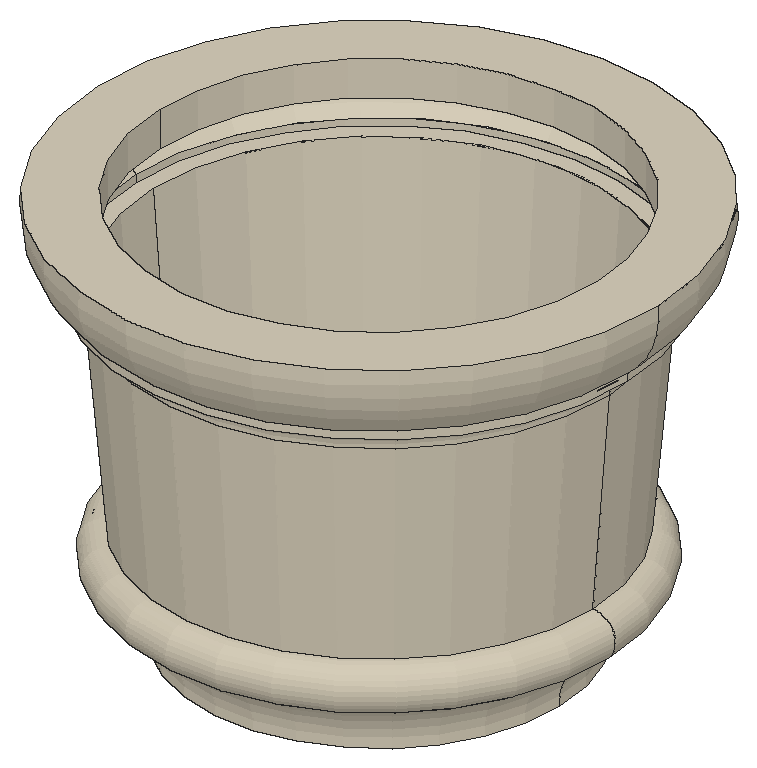
Revit family "Specialty_Equipment-Fiberstone_Planter-Planters_Unlimited -French-Basket", category Specialty Equipment, Revit 2023
Family settings
  Round Connector Dimension = Use Diameter
  Part Type = Normal
  OmniClass Number = 23.40.05.21.17
  OmniClass Title = Planters
  Work Plane-Based = No
  Enable Cutting in Views = No
  Always vertical = Yes
  Cut with Voids When Loaded = No
  Maintain Annotation Orientation = No
  Shared = No
  Room Calculation Point = No
Parameters (values of type "18.5"Dia x 13"H")
  URL = "https://www.plantersunlimited.com"
  Type Comments = "Round Planter"  # constant formula
  Model = "French Basket Series Planters"  # constant formula
  Manufacturer = "Planters Unlimited"  # constant formula
  Description = "French Basket Round Planter"  # constant formula
  Default Elevation = 0.0"
  CD_Specification = "https://www.plantersunlimited.com/content/Planters/P070-GFRC.pdf"
  CD_Radius Baseplate = CD_Radius - 3.3"  # 5.95"
  CD_Radius = CD_Diameter / 2  # 9.25"
  CD_Product Page URL = "https://www.plantersunlimited.com/french-basket-round-gfrc-planter/"
  CD_Product Name [instance] = "French Basket Planter"  # constant formula
  CD_Planter Lip = CD_Radius / 10  # 0.925"
  CD_Pad Spacing = CD_Radius - 4.3"  # 4.95"
  CD_Pad Size = 3.0"  # constant formula
  CD_Microsite = "https://www.caddetails.com/3404"
  CD_Height = 13.0"
  CD_Finish = Plastic-Fiberstone-Carlsbad-Chenza
  CD_Diameter = 18.5"
  CD_Created By = "CADdetails LTD. 2025"  # constant formula
  Assembly Code = "G2050600"
Reference planes (in)
  plane 1 "Center (Front/Back)": y = 0
  plane 2: z = 0
  plane 3 "Center (Left/Right)": x = 0
  plane 4 "Right": x = 9.25
  plane 5 "Left": x = -9.25
  plane 6 "Front": y = 9.25
  plane 7 "Back": y = -9.25
  plane 8 "Top": z = 13.125
  plane 9 "Bottom": z = 0
  plane 10 "Bottom of Planter": z = 0.125
  plane 11 "Pad Back": y = 4.95
  plane 12 "Pad Ront": y = -4.95
  plane 13 "PL1": x = -4.95
  plane 14 "PL2": x = 4.95
  plane 15 "RP1": z = 1.76368
  plane 16: z = 9.925
Forms (in)
  Extrusion 1, solid, material "Plastic-Fiberstone-Carlsbad-Chenza" <- "CD_Finish"
    sketch origin (9, 0, 0) x (1, 0, 0) y (0, 1, 0)
      loop
        line (-7.05, 1.5) -> (-7.05, -1.5) -> (-4.05, -1.5) -> (-4.05, 1.5) -> (-7.05, 1.5)
    from 0 to 0.125
  Sweep 2, solid, material "Plastic-Fiberstone-Carlsbad-Chenza" <- "CD_Finish"
    path origin (0, 0, 0) x (1, 0, 0) y (0, 1, 0)
      loop
        circle (0, 0) r 9.25
    profile origin (9.25, 0, 0) x (-1, 0, 0) y (0, 0, 1)
      loop
        line (2.01073, 13.125) -> (0, 13.125)
        arc (0, 13.125) -> (0.18993, 11.81466) -> (1.01151, 10.77635) r 2.549
        line (1.01151, 10.77635) -> (1.01151, 10.525)
        arc (1.01151, 10.525) -> (1.43578, 10.34926) -> (1.61151, 9.925) r 0.6
        line (1.61151, 9.925) -> (2.1839, 3.37358)
        arc (2.1839, 3.37358) -> (1.43844, 2.62813) -> (2.1839, 1.88267) r 0.74545
        line (2.1839, 1.88267) -> (2.1839, 1.76368)
        arc (2.1839, 1.76368) -> (2.99932, 1.12714) -> (3.25585, 0.125) r 1.60229
        line (3.25585, 0.125) -> (3.45639, 0.125)
        arc (3.45639, 0.125) -> (3.20097, 1.18212) -> (2.3839, 1.89984) r 1.80229
        line (2.3839, 1.89984) -> (2.3839, 2.11936)
        arc (2.3839, 2.11936) -> (1.63736, 2.64) -> (2.4058, 3.12773) r 0.54667
        line (2.4058, 3.12773) -> (1.78922, 10.69705) -> (1.22478, 10.69705) -> (1.22478, 10.92943)
        arc (1.22478, 10.92943) -> (0.80204, 11.39935) -> (0.54116, 11.97509) r 2.06586
        line (0.54116, 11.97509) -> (2.01073, 11.97509) -> (2.01073, 13.125)
  Extrusion 3, solid, material "Plastic-Fiberstone-Carlsbad-Chenza" <- "CD_Finish"
    sketch origin (0, 0, 0) x (0, -1, 0) y (1, 0, 0)
      loop
        line (1.95, 1.5) -> (1.95, -1.5) -> (4.95, -1.5) -> (4.95, 1.5) -> (1.95, 1.5)
    from 0 to 0.125
  Extrusion 4, solid, material "Plastic-Fiberstone-Carlsbad-Chenza" <- "CD_Finish"
    sketch origin (0, 0, 0) x (-1, 0, 0) y (0, -1, 0)
      loop
        line (1.95, 1.5) -> (1.95, -1.5) -> (4.95, -1.5) -> (4.95, 1.5) -> (1.95, 1.5)
    from 0 to 0.125
  Extrusion 5, solid, material "Plastic-Fiberstone-Carlsbad-Chenza" <- "CD_Finish"
    sketch origin (0, 0, 0) x (0, 1, 0) y (-1, 0, 0)
      loop
        line (1.95, 1.5) -> (1.95, -1.5) -> (4.95, -1.5) -> (4.95, 1.5) -> (1.95, 1.5)
    from 0 to 0.125
  Extrusion 6, solid, material "Plastic-Fiberstone-Carlsbad-Chenza" <- "CD_Finish"
    sketch origin (0, 0, 0.125) x (-1, 0, 0) y (0, -1, 0)
      loop
        circle (0, 0) r 5.95
    from 0 to 0.12
Dimensions and locks (in)
  "CD_Diameter": plane 6 "Front" to plane 7 "Back"
  equal spacing: plane 6 "Front", plane 1 "Center (Front/Back)", plane 7 "Back"
  equal spacing: plane 5 "Left", plane 3 "Center (Left/Right)", plane 4 "Right"
  "CD_Diameter": plane 5 "Left" to plane 4 "Right"
  locked: plane 10 "Bottom of Planter" to level at 0.125
  "CD_Height": plane 8 "Top" to plane 10 "Bottom of Planter"
  "CD_Pad Size": Extrusion 1 sketch curve to Extrusion 1 sketch curve  (x2)
  Sweep 2 sketch curve to Sweep 2 sketch curve = 1.14991"
  "CD_Pad Size": Extrusion 3 sketch curve to Extrusion 3 sketch curve  (x2)
  "CD_Pad Size": Extrusion 4 sketch curve to Extrusion 4 sketch curve  (x2)
  "CD_Pad Size": Extrusion 5 sketch curve to Extrusion 5 sketch curve  (x2)
  Sweep 2 to plane 3 "Center (Left/Right)" = 5.99415"
  "CD_Pad Spacing": plane 3 "Center (Left/Right)" to plane 14 "PL2"
  "CD_Pad Spacing": plane 13 "PL1" to plane 3 "Center (Left/Right)"
  "CD_Pad Spacing": plane 11 "Pad Back" to plane 1 "Center (Front/Back)"
  "CD_Pad Spacing": plane 1 "Center (Front/Back)" to plane 12 "Pad Ront"
  equal spacing: Extrusion 1 sketch curve, plane 1 "Center (Front/Back)", Extrusion 1 sketch curve
  equal spacing: Extrusion 4 sketch curve, plane 1 "Center (Front/Back)", Extrusion 4 sketch curve
  equal spacing: Extrusion 5 sketch curve, plane 3 "Center (Left/Right)", Extrusion 5 sketch curve
  equal spacing: Extrusion 3 sketch curve, plane 3 "Center (Left/Right)", Extrusion 3 sketch curve
  locked: plane 15 "RP1" to level at 1.76368
  Sweep 2 sketch curve to Sweep 2 sketch curve to plane 4 "Right" = 1.46957" locked, 0.54116" locked
  locked: Sweep 2 sketch curve to level at 2.62813
  locked: Sweep 2 sketch curve to level at 3.12773
  locked: Sweep 2 sketch curve to level at 3.37358
  plane 8 "Top" to Sweep 2 sketch curve to Sweep 2 sketch curve to Sweep 2 sketch curve = 2.19557" locked, 0.23239" locked, 0.17205" locked
  locked: Sweep 2 sketch curve to level at 1.76368
  locked: profile plane to Sweep 2 sketch curve at 1.65844  (x2)
  locked: Sweep 2 sketch curve to level at 0.25  (x2)
  plane 8 "Top" to plane 16 = 3.2"
  "CD_Radius": radius of Sweep 2 sketch curve
  "CD_Radius Baseplate": radius of Extrusion 6 sketch curve
  radius of Sweep 2 sketch curve = 0.54667"
  radius of Sweep 2 sketch curve = 0.74545"
  aligned and locked: plane 2 to level
  aligned and locked: level to Extrusion 1
  aligned and locked: Extrusion 1 to plane 10 "Bottom of Planter"
  aligned and locked: Sweep 2 sketch curve to plane 8 "Top"
  aligned and locked: plane 4 "Right" to Sweep 2 sketch curve
  aligned and locked: plane 14 "PL2" to Extrusion 1
  aligned and locked: plane 11 "Pad Back" to Extrusion 5
  aligned and locked: Extrusion 4 to plane 13 "PL1"
  aligned and locked: Extrusion 3 to plane 12 "Pad Ront"
  aligned and locked: plane 3 "Center (Left/Right)" to Extrusion 6 sketch curve
  aligned and locked: plane 1 "Center (Front/Back)" to Extrusion 6 sketch curve
  aligned and locked: Sweep 2 sketch curve to Sweep 2 sketch curve  (x2)
  aligned and locked: plane 10 "Bottom of Planter" to Sweep 2 sketch curve
  aligned and locked: Extrusion 6 to Sweep 2 sketch curve
Automatic sketch dimensions
  plane 4 "Right" to Extrusion 1 sketch curve = 7.3"
  plane 1 "Center (Front/Back)" to Extrusion 3 sketch curve = 1.95"
  Extrusion 4 sketch curve to plane 13 "PL1" = 0.0"
  Extrusion 5 sketch curve to plane 11 "Pad Back" = 0.0"
  Sweep 2 sketch curve to Sweep 2 sketch curve = 0.0"
  Sweep 2 sketch curve to plane 16 = 0.0"
  Sweep 2 sketch curve to profile plane = 1.01151"
  Sweep 2 sketch curve to Sweep 2 sketch curve = 0.21327"
  Sweep 2 sketch curve to Sweep 2 sketch curve = 0.52546"
  Sweep 2 sketch curve to Sweep 2 sketch curve = 0.2"
  Sweep 2 sketch curve to Sweep 2 sketch curve = 0.52031"
  Sweep 2 sketch curve to Sweep 2 sketch curve = 0.00012"
  Sweep 2 sketch curve to Sweep 2 sketch curve = 0.20054"
  Sweep 2 sketch curve to Sweep 2 sketch curve = 0.07931"
  Sweep 2 sketch curve to Sweep 2 sketch curve = 0.17771"
  plane 1 "Center (Front/Back)" to Sweep 2 sketch curve = 0.0"
  Sweep 2 sketch curve to plane 3 "Center (Left/Right)" = 0.0"
Types in the file's own list only (6): name | CD_Radius Baseplate | CD_Radius | CD_Planter Lip | CD_Pad Spacing | CD_Height | CD_Diameter
  19.5"Dia x 15.5"H | 6.5" | 9.8" | 1.0" | 5.5" | 15.5" | 19.5"
  23"Dia x 16"H | 8.2" | 11.5" | 1.2" | 7.2" | 16.0" | 23.0"
  25"Dia x 19"H | 9.2" | 12.5" | 1.3" | 8.2" | 19.0" | 25.0"
  30"Dia x 22.5"H | 11.7" | 15.0" | 1.5" | 10.7" | 22.5" | 30.0"
  35"Dia x 25"H | 14.2" | 17.5" | 1.8" | 13.2" | 25.0" | 35.0"
  42"Dia x 32"H | 17.7" | 21.0" | 2.1" | 16.7" | 32.0" | 42.0"
